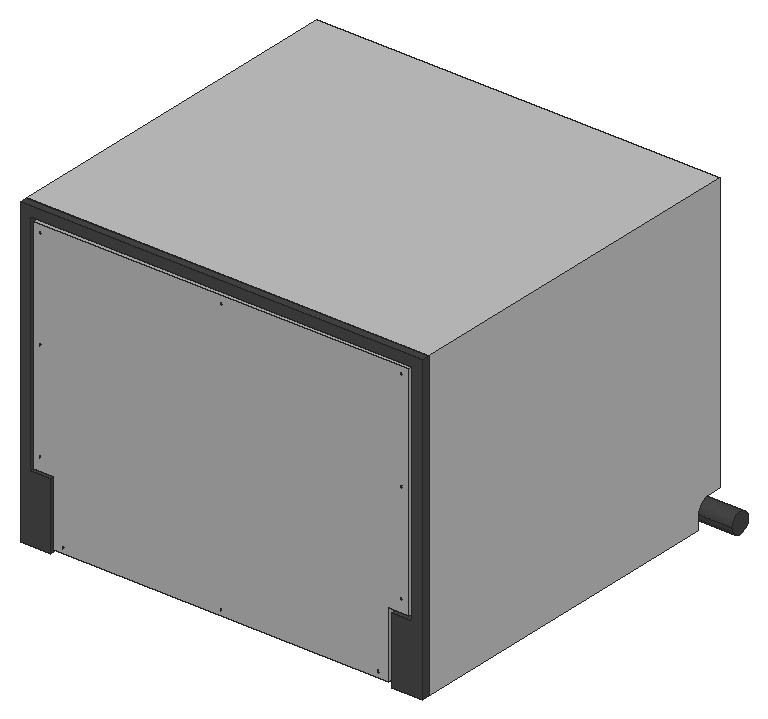
Revit family "FP_Revit_18_DD24STI9_N_DishDrawer_90000884A", category Specialty Equipment, Revit 2018
Family settings
  Round Connector Dimension = Use Diameter
  Part Type = Normal
  OmniClass Number = 23.40.40.14.31
  OmniClass Title = Cleaning and Disposal Equipment
  Work Plane-Based = No
  Always vertical = Yes
  Cut with Voids When Loaded = Yes
  Shared = No
  Room Calculation Point = No
Parameters (values of type "DD24STI9")
  Visibility - Handle = no
  Visibility - Door Panel = no
  Visibility - Clearance Required = yes
  URL = "www.fisherpaykel.com"
  Product - Width = 599 mm  # constant formula
  Product - Height = 454 mm  # constant formula
  Product - Depth = 553 mm  # constant formula
  Model = "DD24STI9"
  Material - Trim = Fisher & Paykel - Black
  Material - Door Structure = Fisher & Paykel - Aluminium
  Material - Door Front = Fisher & Paykel - Stainless Steel
  Material - Body = Fisher & Paykel - Grey
  Manufacturer = "Fisher & Paykel Appliances"
  FFL Offset [instance] = 406 mm
  Description = "Integrated Single DishDrawer"
  Connector Description - Water = "Supplied hose to suit 3⁄8” (9 mm) male compression fitting"
  Connector Description - Sanitary = "Drain Hose, No Fitting Required"
  Connector Description - Electrical = "110-120V, 15 A, fused electrical supply"
  Cavity - Width = 600 mm  # constant formula
  Cavity - Height = 456 mm  # constant formula
  Cavity - Depth = 560 mm  # constant formula
Types (3, lengths in mm): name | Model
  (no name) | "DD24STI9"
  DD24STI9 | "DD24STI9"
  DD24SHTI9 | "DD24SHTI9"
Reference planes
  plane 1 "Datum": y = 0
  plane 2: z = 0
  plane 3 "Center (Left/Right)": x = 0
  plane 4: z = 0
  plane 5 "Product LHS": x = -299.5
  plane 6 "Product RHS": x = 299.5
  plane 7 "Product - Depth": y = 553
  plane 8 "Cavity LHS": x = -300
  plane 9 "Cavity RHS": x = 300
  plane 10 "Cavity - Depth": y = 560
  plane 11 "Product Height": z = 860
  plane 12 "Cavity - Height": z = 862
  plane 13 "FFL Offset": z = 406
  plane 14 "Door Front": y = -18
Forms (mm)
  Extrusion 1, solid, material "Fisher & Paykel - Grey" <- "Material - Body"
    sketch origin (0, 0, 0) x (0, 1, 0) y (0, 0, 1)
      loop
        line (12, 860) -> (12, 406) -> (513, 406) -> (513, 426)
        arc (513, 426) -> (518.858, 440.142) -> (533, 446) r 20
        line (533, 446) -> (553, 446) -> (553, 860) -> (12, 860)
    from -299.5 to 299.5
  Extrusion 2, solid, material "Fisher & Paykel - Aluminium" <- "Material - Door Structure", detail levels fine
    sketch origin (0, 0, 0) x (1, 0, 0) y (0, 0, 1)
      loop
        line (-279.5, 840) -> (-279.5, 511) -> (-249.5, 511) -> (-249.5, 412.713) -> (249.5, 412.713) -> (249.5, 511) -> (279.5, 511) -> (279.5, 840) -> (-279.5, 840)
      loop
        circle (-269.5, 680) r 1.502
      loop
        circle (-234.5, 421) r 1.5
      loop
        circle (-269.5, 530) r 1.5
      loop
        circle (-269.5, 830) r 1.5
      loop
        circle (0, 830) r 1.5
      loop
        circle (269.5, 680) r 1.502
      loop
        circle (269.5, 530) r 1.5
      loop
        circle (269.5, 830) r 1.5
      loop
        circle (0, 421) r 1.5
      loop
        circle (234.5, 421) r 1.5
    from -12 to 0
  Sweep 3, solid, material "Fisher & Paykel - Black", detail levels medium+fine
    path origin (0, 539.813, 406) x (1, 0, 0) y (0, 0, 1)
      loop
        line (-119.5, 75) -> (-119.5, 45.438)
        arc (-119.5, 45.438) -> (-125.358, 31.295) -> (-139.5, 25.437) r 20
        line (-139.5, 25.437) -> (-349.5, 25.437)
    profile origin (-119.5, 539.813, 466.219) x (0, -1, 0) y (1, 0, 0)
      loop
        circle (0, 0) r 9
  Extrusion 4, solid, material "Fisher & Paykel - Clearance Required", visible <- "Visibility - Clearance Required", detail levels coarse
    sketch origin (0, 0, 0) x (0, 1, 0) y (0, 0, 1)
      loop
        line (-18, 406) -> (-18, 860) -> (-545, 860) -> (-545, 820.3) -> (-587, 820.3) -> (-587, 804.3) -> (-545, 804.3) -> (-545, 406) -> (-18, 406)
    from -300 to 300
  Extrusion 5, solid, material "Fisher & Paykel - Clearance Required", visible <- "Visibility - Clearance Required", detail levels coarse
    sketch origin (0, 0, 0) x (1, 0, 0) y (0, 1, 0)
      loop
        line (300, 560) -> (-300, 560) -> (-300, 0) -> (300, 0) -> (300, 560)
    from 406 to 862
  Extrusion 6, solid, material "Fisher & Paykel - Black" <- "Material - Trim"
    sketch origin (0, 0, 0) x (1, 0, 0) y (0, 0, 1)
      loop
        line (-299.5, 860) -> (-299.5, 406) -> (-254.5, 406) -> (-254.5, 506) -> (-283.999, 506) -> (-283.999, 845) -> (284, 845) -> (284, 506) -> (254.5, 506) -> (254.5, 406) -> (299.5, 406) -> (299.5, 860) -> (-299.5, 860)
    from -12 to 0
  Sweep 7, solid, material "Fisher & Paykel - Black", detail levels medium+fine
    path origin (0, 0, 0) x (1, 0, 0) y (0, 1, 0)
      loop
        line (199.5, 513) -> (199.5, 514)
        arc (199.5, 514) -> (204.04, 524.96) -> (215, 529.5) r 15.5
        line (215, 529.5) -> (349.5, 529.5)
    profile origin (199.5, 513.5, 0) x (-1, 0, 0) y (0, 0, 1)
      loop
        circle (0, 427) r 15
  Sweep 8, solid, material "Fisher & Paykel - Black", detail levels medium+fine
    path origin (0, 0, 0) x (1, 0, 0) y (0, 1, 0)
      loop
        line (-33.982, 513) -> (-33.982, 516.982)
        arc (-33.982, 516.982) -> (-35.886, 521.579) -> (-40.482, 523.482) r 6.5
        line (-40.482, 523.482) -> (-349.5, 523.482)
    profile origin (-194.991, 523.482, 0) x (0, -1, 0) y (0, 0, 1)
      loop
        circle (0, 417.016) r 4
  Sweep 9, solid, material "Fisher & Paykel - Black", detail levels medium+fine
    path origin (0, 0, 0) x (1, 0, 0) y (0, 1, 0)
      loop
        line (-349.5, 522.999) -> (-215.482, 522.999)
        arc (-215.482, 522.999) -> (-211.239, 521.242) -> (-209.482, 516.999) r 6
        line (-209.482, 516.999) -> (-209.482, 513)
    profile origin (-209.482, 514.999, 0) x (1, 0, 0) y (0, 0, 1)
      loop
        circle (0, 426.938) r 5
  Extrusion 10, solid, material "Fisher & Paykel - Black", detail levels fine
    sketch origin (0, 0, 406) x (1, 0, 0) y (0, 0, 1)
      loop
        line (-27.5, 18) -> (-41.5, 18) -> (-41.5, 4) -> (-27.5, 4) -> (-27.5, 18)
    from -518 to -513
  Extrusion 11, void
    sketch origin (0, 0, 0) x (1, 0, 0) y (0, 1, 0)
      loop
        line (-300, 560) -> (-300, -18) -> (300, -18) -> (300, 560) -> (-300, 560)
    from 406 to 862
  Extrusion 12, solid, material "Fisher & Paykel - Stainless Steel" <- "Material - Door Front", visible <- "Visibility - Door Panel"
    sketch origin (0, 0, 0) x (1, 0, 0) y (0, 1, 0)
      loop
        line (297.5, 0) -> (-297.5, 0) -> (-297.5, -18) -> (297.5, -18) -> (297.5, 0)
    from 408 to 860
  Extrusion 13, void
    sketch origin (0, 0, 0) x (1, 0, 0) y (0, 0, 1)
      loop
        line (-9.5, 511) -> (-229.5, 511) -> (-229.5, 446) -> (-9.5, 446) -> (-9.5, 511)
    from -553 to -550
  Sweep 14, solid, material "Fisher & Paykel - Black", not visible, detail levels medium+fine
    path origin (0, 539.813, 1000) x (1, 0, 0) y (0, 0, 1)
      loop
        line (-119.5, 75) -> (-119.5, 45.438)
        arc (-119.5, 45.438) -> (-125.358, 31.295) -> (-139.5, 25.437) r 20
        line (-139.5, 25.437) -> (-349.5, 25.437)
    profile origin (-119.5, 539.813, 1060.219) x (0, -1, 0) y (1, 0, 0)
      loop
        circle (0, 0) r 9
  Sweep 15, solid, material "Fisher & Paykel - Black", not visible, detail levels medium+fine
    path origin (0, 0, 594) x (1, 0, 0) y (0, 1, 0)
      loop
        line (199.5, 513) -> (199.5, 514)
        arc (199.5, 514) -> (204.04, 524.96) -> (215, 529.5) r 15.5
        line (215, 529.5) -> (349.5, 529.5)
    profile origin (199.5, 513.5, 594) x (-1, 0, 0) y (0, 0, 1)
      loop
        circle (0, 427) r 15
  Sweep 16, solid, material "Fisher & Paykel - Black", not visible, detail levels medium+fine
    path origin (0, 0, 594) x (1, 0, 0) y (0, 1, 0)
      loop
        line (-33.982, 513) -> (-33.982, 516.982)
        arc (-33.982, 516.982) -> (-35.886, 521.579) -> (-40.482, 523.482) r 6.5
        line (-40.482, 523.482) -> (-349.5, 523.482)
    profile origin (-194.991, 523.482, 594) x (0, -1, 0) y (0, 0, 1)
      loop
        circle (0, 417.016) r 4
  Sweep 17, solid, material "Fisher & Paykel - Black", not visible, detail levels medium+fine
    path origin (0, 0, 594) x (1, 0, 0) y (0, 1, 0)
      loop
        line (-349.5, 522.999) -> (-215.482, 522.999)
        arc (-215.482, 522.999) -> (-211.239, 521.242) -> (-209.482, 516.999) r 6
        line (-209.482, 516.999) -> (-209.482, 513)
    profile origin (-209.482, 514.999, 594) x (1, 0, 0) y (0, 0, 1)
      loop
        circle (0, 426.938) r 5
  Extrusion 18, solid, material "Fisher & Paykel - Black", not visible, detail levels fine
    sketch origin (0, 0, 1000) x (1, 0, 0) y (0, 0, 1)
      loop
        line (-27.5, 18) -> (-41.5, 18) -> (-41.5, 4) -> (-27.5, 4) -> (-27.5, 18)
    from -518 to -513
Cuts and joins
  Extrusion 13 cuts Extrusion 2
  Extrusion 13 cuts Extrusion 4
  Extrusion 13 cuts Extrusion 12
  Extrusion 13 cuts Extrusion 1
Lines and regions (mm)
  model lines, style "Fisher & Paykel"
    curve 1: line (-297.5, 0, 860) -> (297.5, 0, 860)
    curve 2: line (-297.5, 0, 408) -> (-297.5, 0, 860)
    curve 3: line (297.5, 0, 408) -> (-297.5, 0, 408)
    curve 4: line (297.5, 0, 860) -> (297.5, 0, 408)
  model lines
    curve 5: line (-297.5, 0, 860) -> (297.5, 0, 860)
    curve 6: line (-297.5, 0, 408) -> (-297.5, 0, 860)
    curve 7: line (297.5, 0, 408) -> (-297.5, 0, 408)
    curve 8: line (297.5, 0, 860) -> (297.5, 0, 408)
  model lines, style "Fisher & Paykel", not visible
    curve 9: line (297.5, 0, 1002) -> (-297.5, 0, 1002)
  model lines, not visible
    curve 10: line (297.5, 0, 1002) -> (-297.5, 0, 1002)
Text (mm)
  text "Due to ongoing product development, product details are subject to change without notice. \nPlease always refer to www.fisherpaykel.com for the most current product information. \n© Fisher & Paykel 2020" at (41.04, -647.69, 0), in view "Ref. Level (Plan)"
Dimensions and locks
  equal spacing: plane 5 "Product LHS", plane 3 "Center (Left/Right)", plane 6 "Product RHS"
  "Product - Width": plane 5 "Product LHS" to plane 6 "Product RHS"
  "Product - Depth": plane 1 "Datum" to plane 7 "Product - Depth"
  equal spacing: plane 8 "Cavity LHS", plane 3 "Center (Left/Right)", plane 9 "Cavity RHS"
  "Cavity - Width": plane 8 "Cavity LHS" to plane 9 "Cavity RHS"
  "Cavity - Depth": plane 10 "Cavity - Depth" to plane 1 "Datum"
  "FFL Offset": plane 13 "FFL Offset" to level
  "Product - Height": plane 11 "Product Height" to plane 13 "FFL Offset"
  "Cavity - Height": plane 13 "FFL Offset" to plane 12 "Cavity - Height"
  locked: plane 11 "Product Height" to nested 1 at 39.7
  locked: plane 13 "FFL Offset" to cut or joined group of Extrusion 12, Extrusion 13 at 2
  locked: Extrusion 2 sketch curve to plane 13 "FFL Offset" at 6.713
  locked: cut or joined group of Extrusion 1, Extrusion 13 to Extrusion 13 sketch curve at 65
  locked: cut or joined group of Extrusion 12, Extrusion 13 to plane 13 "FFL Offset" at 2
  locked: plane 13 "FFL Offset" to Sweep 3 at 75
  locked: Extrusion 1 sketch curve to plane 13 "FFL Offset" at 40
  aligned and locked: level to plane 2
  aligned and locked: Extrusion 5 sketch curve to plane 8 "Cavity LHS"
  aligned and locked: plane 1 "Datum" to Extrusion 5 sketch curve
  aligned and locked: Extrusion 5 sketch curve to plane 9 "Cavity RHS"
  aligned and locked: Extrusion 4 to plane 13 "FFL Offset"
  aligned and locked: cut or joined group of Extrusion 4, Extrusion 13 to Extrusion 5
  aligned and locked: Extrusion 5 to plane 12 "Cavity - Height"
  aligned and locked: Extrusion 5 to Extrusion 1
  aligned and locked: plane 11 "Product Height" to Extrusion 1
  aligned and locked: Extrusion 6 sketch curve to plane 13 "FFL Offset"
  aligned and locked: Extrusion 6 sketch curve to Extrusion 6 sketch curve
  aligned and locked: plane 11 "Product Height" to Extrusion 12
  aligned and locked: cut or joined group of Extrusion 1, Extrusion 13 to Extrusion 13 sketch curve
  aligned and locked: Extrusion 2 sketch curve to Extrusion 2 sketch curve
  aligned and locked: Extrusion 11 to Extrusion 5  (x2)
Automatic sketch dimensions
  Sweep 3 sketch curve to profile plane = 0 mm
  profile plane to Sweep 3 sketch curve = 0 mm
  Sweep 3 sketch curve to Sweep 3 sketch curve = 20 mm
  Sweep 3 sketch curve to Sweep 3 sketch curve = 29.562 mm
  Sweep 7 sketch curve to profile plane = 0 mm
  Sweep 7 sketch curve to Sweep 7 sketch curve = 15.5 mm
  Sweep 7 sketch curve to Sweep 7 sketch curve = 1 mm
  Sweep 8 sketch curve to Sweep 8 sketch curve = 3.982 mm
  Sweep 8 sketch curve to Sweep 8 sketch curve = 6.5 mm
  Sweep 8 sketch curve to profile plane = 0 mm
  Sweep 9 sketch curve to Sweep 9 sketch curve = 6 mm
  Sweep 9 sketch curve to Sweep 9 sketch curve = 3.999 mm
  profile plane to Sweep 9 sketch curve = 0 mm
  Extrusion 10 sketch curve to Extrusion 10 sketch curve = 14 mm  (x2)
  Extrusion 5 sketch curve to plane 10 "Cavity - Depth" = 0 mm
  plane 1 "Datum" to Extrusion 11 sketch curve = 18 mm
  Extrusion 11 sketch curve to plane 8 "Cavity LHS" = 0 mm
  Extrusion 11 sketch curve to plane 9 "Cavity RHS" = 0 mm
  Extrusion 11 sketch curve to plane 10 "Cavity - Depth" = 0 mm
  plane 1 "Datum" to Extrusion 12 sketch curve = 0 mm
  plane 9 "Cavity RHS" to Extrusion 12 sketch curve = 597.5 mm
  plane 1 "Datum" to Extrusion 12 sketch curve = 18 mm
  Extrusion 12 sketch curve to Extrusion 12 sketch curve = 595 mm
  Extrusion 4 sketch curve to plane 11 "Product Height" = 0 mm
  level to Extrusion 4 sketch curve = 406 mm
  plane 1 "Datum" to Extrusion 4 sketch curve = 587 mm
  Extrusion 4 sketch curve to Extrusion 4 sketch curve = 42 mm  (x2)
  plane 1 "Datum" to Extrusion 4 sketch curve = 18 mm
  Extrusion 4 sketch curve to Extrusion 4 sketch curve = 16 mm
  Extrusion 4 sketch curve to Extrusion 4 sketch curve = 55.7 mm
  plane 11 "Product Height" to Extrusion 1 sketch curve = 0 mm
  Extrusion 1 sketch curve to plane 7 "Product - Depth" = 0 mm
  Extrusion 1 sketch curve to Extrusion 1 sketch curve = 20 mm  (x2)
  Extrusion 1 sketch curve to plane 1 "Datum" = 12 mm
  curve 6 to plane 11 "Product Height" = 0 mm
  curve 1 to plane 5 "Product LHS" = 2 mm
  plane 6 "Product RHS" to curve 5 = 2 mm
  Extrusion 1 sketch curve to plane 13 "FFL Offset" = 0 mm
  plane 5 "Product LHS" to Extrusion 6 sketch curve = 0 mm
  plane 6 "Product RHS" to Extrusion 6 sketch curve = 0 mm
  Extrusion 6 sketch curve to plane 5 "Product LHS" = 15.501 mm
  Extrusion 6 sketch curve to Extrusion 6 sketch curve = 29.499 mm
  plane 6 "Product RHS" to Extrusion 6 sketch curve = 45 mm
  plane 6 "Product RHS" to Extrusion 6 sketch curve = 15.5 mm
  plane 13 "FFL Offset" to Extrusion 6 sketch curve = 100 mm  (x2)
  Extrusion 6 sketch curve to plane 11 "Product Height" = 15 mm
  plane 11 "Product Height" to Extrusion 6 sketch curve = 0 mm
  Extrusion 13 sketch curve to plane 5 "Product LHS" = 70 mm
  Extrusion 13 sketch curve to plane 3 "Center (Left/Right)" = 9.5 mm
  plane 13 "FFL Offset" to curve 6 = 2 mm
  plane 13 "FFL Offset" to curve 4 = 2 mm
  Sweep 3 sketch curve to Sweep 3 sketch curve = 210 mm
  Sweep 7 sketch curve to Sweep 7 sketch curve = 134.5 mm
  profile plane to Sweep 7 sketch curve = 427 mm
  Sweep 8 sketch curve to Sweep 8 sketch curve = 309.018 mm
  profile plane to Sweep 8 sketch curve = 417.016 mm
  Sweep 9 sketch curve to Sweep 9 sketch curve = 134.018 mm
  profile plane to Sweep 9 sketch curve = 426.938 mm
  Sweep 14 sketch curve to profile plane = 0 mm
  profile plane to Sweep 14 sketch curve = 0 mm
  Sweep 14 sketch curve to Sweep 14 sketch curve = 20 mm
  Sweep 14 sketch curve to Sweep 14 sketch curve = 29.562 mm
  Sweep 15 sketch curve to profile plane = 0 mm
  Sweep 15 sketch curve to Sweep 15 sketch curve = 15.5 mm
  Sweep 15 sketch curve to Sweep 15 sketch curve = 1 mm
  Sweep 16 sketch curve to Sweep 16 sketch curve = 3.982 mm
  Sweep 16 sketch curve to Sweep 16 sketch curve = 6.5 mm
  Sweep 16 sketch curve to profile plane = 0 mm
  Sweep 17 sketch curve to Sweep 17 sketch curve = 6 mm
  Sweep 17 sketch curve to Sweep 17 sketch curve = 3.999 mm
  profile plane to Sweep 17 sketch curve = 0 mm
  Extrusion 18 sketch curve to Extrusion 18 sketch curve = 14 mm  (x2)
  Sweep 14 sketch curve to Sweep 14 sketch curve = 210 mm
  Sweep 15 sketch curve to Sweep 15 sketch curve = 134.5 mm
  profile plane to Sweep 15 sketch curve = 427 mm
  Sweep 16 sketch curve to Sweep 16 sketch curve = 309.018 mm
  profile plane to Sweep 16 sketch curve = 417.016 mm
  Sweep 17 sketch curve to Sweep 17 sketch curve = 134.018 mm
  profile plane to Sweep 17 sketch curve = 426.938 mm
  Extrusion 2 sketch curve to plane 3 "Center (Left/Right)" = 0 mm  (x2)
  plane 13 "FFL Offset" to Extrusion 2 sketch curve = 15 mm  (x3)
  Extrusion 2 sketch curve to plane 5 "Product LHS" = 65 mm
  Extrusion 2 sketch curve to Extrusion 2 sketch curve = 15 mm
  Extrusion 2 sketch curve to plane 5 "Product LHS" = 30 mm  (x2)
  Extrusion 2 sketch curve to Extrusion 2 sketch curve = 20 mm  (x2)
  Extrusion 2 sketch curve to plane 5 "Product LHS" = 20 mm
  plane 6 "Product RHS" to Extrusion 2 sketch curve = 65 mm
  plane 6 "Product RHS" to Extrusion 2 sketch curve = 50 mm
  plane 6 "Product RHS" to Extrusion 2 sketch curve = 30 mm  (x2)
  Extrusion 2 sketch curve to Extrusion 2 sketch curve = 10 mm  (x2)
  Extrusion 2 sketch curve to Extrusion 2 sketch curve = 90 mm
  Extrusion 2 sketch curve to Extrusion 2 sketch curve = 19 mm  (x2)
  Extrusion 2 sketch curve to Extrusion 2 sketch curve = 150 mm  (x2)
  Extrusion 2 sketch curve to plane 11 "Product Height" = 30 mm  (x3)
  radius of Sweep 3 sketch curve = 9 mm
  radius of Sweep 7 sketch curve = 15 mm
  radius of Sweep 8 sketch curve = 4 mm
  radius of Sweep 9 sketch curve = 5 mm
  radius of Sweep 14 sketch curve = 9 mm
  radius of Sweep 15 sketch curve = 15 mm
  radius of Sweep 16 sketch curve = 4 mm
  radius of Sweep 17 sketch curve = 5 mm
  radius of Extrusion 2 sketch curve = 1.502 mm  (x2)
  radius of Extrusion 2 sketch curve = 1.5 mm  (x8)
Nested families
  nested 1: "F&P Handle Contemporary Square - Horizontal" at (0, -18, 812.322), visible <- "Visibility - Handle", type "565mm"
Connectors
  piping at (-349.5, 539.813, 431.437), diameter 15.9, driven by "Connector Description - Sanitary"
    settings: on Sweep 3, index 4, connector inside diameter 609.6 mm, connector length 0 mm, flow factor 0, pipe flow 0.0 L/s, pressure drop 0.0 Pa, fitting loss kfactor 0, connector angle 0.00°, fixture units 0, engagement length 0 mm, angle of deflection 0.00°, flow configuration 0, flow direction 2, fitting loss method 0, system type 16, joint type 0, gender type 0, connector reference index -1, connector utility 0, adjustable connector no, is connector primary yes, connector description "Drain Hose, No Fitting Required"
  piping at (349.5, 529.5, 427), diameter 30
    settings: on Sweep 7, index 5, connector inside diameter 609.6 mm, connector length 0 mm, flow factor 0, pipe flow 0.0 L/s, pressure drop 0.0 Pa, fitting loss kfactor 0, connector angle 0.00°, fixture units 0, engagement length 0 mm, angle of deflection 0.00°, flow configuration 0, flow direction 2, fitting loss method 0, system type 17, joint type 0, gender type 0, connector reference index -1, connector utility 0, adjustable connector no, is connector primary no, connector description "Vent hose for Fan Assisted Drying"
  piping at (-349.5, 522.999, 426.938), diameter 10, driven by "Connector Description - Water"
    settings: on Sweep 9, index 6, connector inside diameter 609.6 mm, connector length 0 mm, flow factor 0, pipe flow 0.0 L/s, pressure drop 0.0 Pa, fitting loss kfactor 0, connector angle 0.00°, fixture units 0, engagement length 0 mm, angle of deflection 0.00°, flow configuration 0, flow direction 1, fitting loss method 0, system type 20, joint type 0, gender type 0, connector reference index -1, connector utility 0, adjustable connector no, is connector primary no, connector description "Supplied hose to suit 3⁄8” (9 mm) male compression fitting"
  electrical at (-349.5, 523.482, 417.016), driven by "Connector Description - Electrical"
    settings: on Sweep 8, index 7, voltage 120 V, apparent load 0 VA, apparent load phase1 0 VA, apparent load phase2 0 VA, apparent load phase3 0 VA, power factor 1, load classification "Other", number of poles 1, system type 30, power factor state 1, is connector primary yes, connector utility no, sub classification motor no, connector description "110-120V, 15 A, fused electrical supply"
Definition of nested family "F&P Handle Contemporary Square - Horizontal"
  Parameters (values of type "565mm")
    URL = "www.fisherpaykel.com"
    Material - Handle = none
    Manufacturer = "Fisher & Paykel Appliances"
    Handle - Standoff = 100 mm
    Handle - Length = 565 mm
  Reference planes
    plane 1 "Center (Front/Back)": y = 0
    plane 2: z = 0
    plane 3 "Center (Left/Right)": x = 0
    plane 4 "Product LHS": x = -282.5
    plane 5 "Product RHS": x = 282.5
    plane 6 "LHS Standoff": x = -182.5
    plane 7 "RHS Standoff": x = 182.5
  Forms (mm)
    Extrusion 1, solid, material <- "Material - Handle", detail levels fine
      sketch origin (0, 0, 0) x (0, 1, 0) y (0, 0, 1)
        loop
          arc (-27.701, 7.561) -> (-28.057, 7.868) -> (-28.514, 7.978) r 1
          line (-28.514, 7.978) -> (-39.5, 7.978)
          arc (-39.5, 7.978) -> (-40.561, 7.539) -> (-41, 6.478) r 1.5
          line (-41, 6.478) -> (-41, -6.522)
          arc (-41, -6.522) -> (-40.561, -7.583) -> (-39.5, -8.022) r 1.5
          line (-39.5, -8.022) -> (-28.487, -8.022)
          arc (-28.487, -8.022) -> (-28.029, -7.911) -> (-27.673, -7.602) r 1
          arc (-27.673, -7.602) -> (-25.256, -0.016) -> (-27.701, 7.561) r 13.038
      from -282.5 to 282.5
    Extrusion 2, solid, material <- "Material - Handle", detail levels fine
      sketch origin (0, 0, 0) x (0, 1, 0) y (0, 0, 1)
        loop
          arc (-27.23, 7.062) -> (-25.156, 0.008) -> (-27.198, -7.056) r 13.136
          arc (-27.198, -7.056) -> (-27.21, -7.463) -> (-26.86, -7.67) r 0.4
          line (-26.86, -7.67) -> (0, -7.67) -> (0, 7.678) -> (-26.893, 7.678)
          arc (-26.893, 7.678) -> (-27.244, 7.47) -> (-27.23, 7.062) r 0.4
      from 182.5 to 282.5
    Extrusion 3, solid, material <- "Material - Handle", detail levels fine
      sketch origin (0, 0, 0) x (0, 1, 0) y (0, 0, -1)
        loop
          arc (-27.23, -7.062) -> (-27.244, -7.47) -> (-26.893, -7.678) r 0.4
          line (-26.893, -7.678) -> (0, -7.678) -> (0, 7.67) -> (-26.86, 7.67)
          arc (-26.86, 7.67) -> (-27.21, 7.463) -> (-27.198, 7.056) r 0.4
          arc (-27.198, 7.056) -> (-25.156, -0.008) -> (-27.23, -7.062) r 13.136
      from 182.5 to 282.5
    Sweep 4, void
      path in 3D
        loop
          line (282.5, -28.514, 7.978) -> (282.5, -39.5, 7.978)
          arc (282.5, -39.5, 7.978) -> (282.5, -40.561, 7.539) -> (282.5, -41, 6.478) r 1.5
          line (282.5, -41, 6.478) -> (282.5, -41, -6.522)
          arc (282.5, -41, -6.522) -> (282.5, -40.561, -7.583) -> (282.5, -39.5, -8.022) r 1.5
          line (282.5, -39.5, -8.022) -> (282.5, -28.487, -8.022)
      profile origin (282.5, -34.007, 7.978) x (1, 0, 0) y (0, 0, 1)
        loop
          line (0, 0) -> (-1.3, 0) -> (0, -1.3) -> (0, 0)
    Sweep 5, void
      path in 3D
        loop
          line (-282.5, -28.487, -8.022) -> (-282.5, -39.5, -8.022)
          arc (-282.5, -39.5, -8.022) -> (-282.5, -40.561, -7.583) -> (-282.5, -41, -6.522) r 1.5
          line (-282.5, -41, -6.522) -> (-282.5, -41, 6.478)
          arc (-282.5, -41, 6.478) -> (-282.5, -40.561, 7.539) -> (-282.5, -39.5, 7.978) r 1.5
          line (-282.5, -39.5, 7.978) -> (-282.5, -28.514, 7.978)
      profile origin (-282.5, -34.007, 7.978) x (-1, 0, 0) y (0, 0, 1)
        loop
          line (0, 0) -> (-1.3, 0) -> (0, -1.3) -> (0, 0)
    Extrusion 6, void
      sketch origin (0, 0, 0) x (1, 0, 0) y (0, 0, 1)
        loop
          line (282.5, 7.978) -> (281.2, 7.978) -> (282.5, 6.678) -> (282.5, 7.978)
        loop
          line (282.5, -8.022) -> (282.5, -6.722) -> (281.2, -8.022) -> (282.5, -8.022)
      from 0 to 28.514
    Extrusion 7, void
      sketch origin (0, 0, 0) x (1, 0, 0) y (0, 0, 1)
        loop
          line (-282.5, 7.978) -> (-282.5, 6.678) -> (-281.2, 7.978) -> (-282.5, 7.978)
        loop
          line (-282.5, -8.022) -> (-281.2, -8.022) -> (-282.5, -6.722) -> (-282.5, -8.022)
      from 0 to 28.487
    Extrusion 8, solid, material <- "Material - Handle", detail levels coarse+medium
      sketch origin (0, 0, 0) x (1, 0, 0) y (0, 1, 0)
        loop
          line (-282.5, -41) -> (282.5, -41) -> (282.5, 0) -> (182.5, 0) -> (182.5, -26.156) -> (-182.5, -26.156) -> (-182.5, 0) -> (-282.5, 0) -> (-282.5, -41)
      from -8.022 to 7.978
  Cuts and joins
    Sweep 4, Sweep 5, Extrusion 6, Extrusion 7 cuts Extrusion 1
    Extrusion 6 cuts Extrusion 2
    Extrusion 7 cuts Extrusion 3
  Lines and regions (mm)
    sketch lines
      curve 1: line (282.5, -28.514, 7.978) -> (282.5, -39.5, 7.978)
      curve 2: arc (282.5, -41, 6.478) -> (282.5, -40.561, 7.539) -> (282.5, -39.5, 7.978) r 1.5
      curve 3: line (282.5, -41, 6.478) -> (282.5, -41, -6.522)
      curve 4: arc (282.5, -39.5, -8.022) -> (282.5, -40.561, -7.583) -> (282.5, -41, -6.522) r 1.5
      curve 5: line (282.5, -39.5, -8.022) -> (282.5, -28.487, -8.022)
      curve 6: line (-282.5, -39.5, 7.978) -> (-282.5, -28.514, 7.978)
      curve 7: arc (-282.5, -39.5, 7.978) -> (-282.5, -40.561, 7.539) -> (-282.5, -41, 6.478) r 1.5
      curve 8: line (-282.5, -41, -6.522) -> (-282.5, -41, 6.478)
      curve 9: arc (-282.5, -41, -6.522) -> (-282.5, -40.561, -7.583) -> (-282.5, -39.5, -8.022) r 1.5
      curve 10: line (-282.5, -28.487, -8.022) -> (-282.5, -39.5, -8.022)
  Dimensions and locks
    equal spacing: plane 4 "Product LHS", plane 3 "Center (Left/Right)", plane 5 "Product RHS"
    "Handle - Length": plane 4 "Product LHS" to plane 5 "Product RHS"
    "Handle - Standoff": plane 4 "Product LHS" to plane 6 "LHS Standoff"
    "Handle - Standoff": plane 7 "RHS Standoff" to plane 5 "Product RHS"
    Extrusion 8 to plane 1 "Center (Front/Back)" = 41 mm
    aligned and locked: level to plane 2
    aligned and locked: Extrusion 1 to plane 5 "Product RHS"
    aligned and locked: plane 4 "Product LHS" to Extrusion 1
    aligned and locked: Extrusion 2 to plane 5 "Product RHS"
    aligned and locked: plane 4 "Product LHS" to Extrusion 3
    aligned and locked: plane 4 "Product LHS" to Extrusion 8 sketch curve
    aligned and locked: Extrusion 8 sketch curve to plane 5 "Product RHS"
    aligned and locked: Extrusion 8 sketch curve to plane 7 "RHS Standoff"
    aligned and locked: plane 6 "LHS Standoff" to Extrusion 8 sketch curve
    aligned and locked: Extrusion 2 to plane 7 "RHS Standoff"
    aligned and locked: plane 6 "LHS Standoff" to Extrusion 3
  Automatic sketch dimensions
    Extrusion 1 sketch curve to level = 6.522 mm
    plane 1 "Center (Front/Back)" to Extrusion 1 sketch curve = 41 mm
    Extrusion 1 sketch curve to Extrusion 1 sketch curve = 1.5 mm  (x2)
    Extrusion 1 sketch curve to level = 0.04 mm
    Extrusion 1 sketch curve to Extrusion 1 sketch curve = 1.206 mm
    level to Extrusion 1 sketch curve = 6.978 mm
    Extrusion 1 sketch curve to Extrusion 1 sketch curve = 10.986 mm
    Extrusion 1 sketch curve to Extrusion 1 sketch curve = 11.013 mm
    Extrusion 1 sketch curve to Extrusion 1 sketch curve = 1 mm
    level to Extrusion 1 sketch curve = 6.478 mm
    Extrusion 1 sketch curve to Extrusion 1 sketch curve = 0 mm
    Extrusion 2 sketch curve to plane 1 "Center (Front/Back)" = 0 mm
    Extrusion 2 sketch curve to level = 7.67 mm
    Extrusion 2 sketch curve to Extrusion 2 sketch curve = 26.86 mm
    level to Extrusion 2 sketch curve = 7.678 mm
    Extrusion 2 sketch curve to Extrusion 2 sketch curve = 0.033 mm
    Extrusion 2 sketch curve to level = 0.022 mm
    Extrusion 2 sketch curve to Extrusion 2 sketch curve = 11.398 mm
    Extrusion 2 sketch curve to Extrusion 2 sketch curve = 0.4 mm  (x2)
    Extrusion 2 sketch curve to Extrusion 2 sketch curve = 0 mm
    Extrusion 3 sketch curve to plane 1 "Center (Front/Back)" = 0 mm
    Extrusion 3 sketch curve to level = 7.67 mm
    Extrusion 3 sketch curve to Extrusion 3 sketch curve = 26.86 mm
    level to Extrusion 3 sketch curve = 7.678 mm
    Extrusion 3 sketch curve to Extrusion 3 sketch curve = 0.033 mm
    Extrusion 3 sketch curve to level = 0.022 mm
    Extrusion 3 sketch curve to Extrusion 3 sketch curve = 11.398 mm
    Extrusion 3 sketch curve to Extrusion 3 sketch curve = 0.4 mm  (x2)
    Extrusion 3 sketch curve to Extrusion 3 sketch curve = 0 mm
    profile plane to Sweep 4 sketch curve = 0 mm
    Sweep 4 sketch curve to profile plane = 0 mm
    Sweep 4 sketch curve to profile plane = 1.3 mm
    profile plane to Sweep 4 sketch curve = 1.3 mm
    Sweep 5 sketch curve to profile plane = 0 mm  (x2)
    profile plane to Sweep 5 sketch curve = 1.3 mm
    Sweep 5 sketch curve to profile plane = 1.3 mm
    plane 5 "Product RHS" to Extrusion 6 sketch curve = 0 mm  (x2)
    Extrusion 6 sketch curve to Extrusion 6 sketch curve = 1.3 mm  (x4)
    Extrusion 6 sketch curve to level = 6.722 mm
    level to Extrusion 6 sketch curve = 6.678 mm
    plane 4 "Product LHS" to Extrusion 7 sketch curve = 0 mm  (x2)
    Extrusion 7 sketch curve to plane 4 "Product LHS" = 1.3 mm  (x2)
    Extrusion 7 sketch curve to level = 8.022 mm
    level to Extrusion 7 sketch curve = 6.678 mm
    Extrusion 7 sketch curve to Extrusion 7 sketch curve = 1.3 mm  (x2)
    plane 1 "Center (Front/Back)" to Extrusion 8 sketch curve = 0 mm  (x2)
    Extrusion 8 sketch curve to Extrusion 8 sketch curve = 26.156 mm
    Extrusion 8 sketch curve to Extrusion 8 sketch curve = 41 mm
